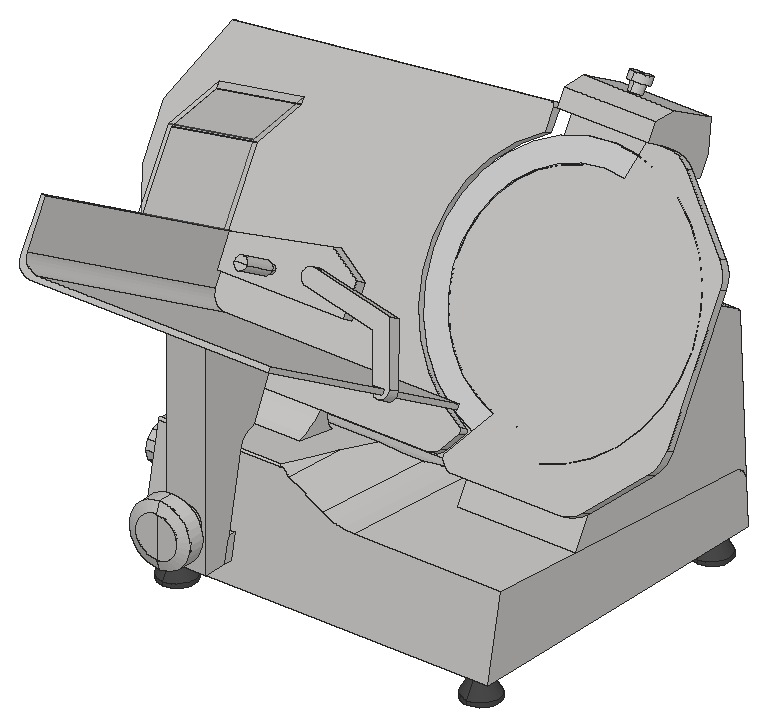
Revit family "QF_ELECTROLUXPROFESSIONAL_601132_MSG35B", category Attrezzature speciali, Revit 2020
Family settings
  Quota connettore circolare = Usa diametro
  Tipo di parte = Normale
  Basato su piano di lavoro = No
  Sempre verticale = Sì
  Taglio con vuoti quando caricato = No
  Condiviso = No
  Punto di calcolo locali = No
Parameters (values of type "Standard")
  Weight = 38.00 kg
  Watts = 380 W
  Volts = 400 V
  URL Manufacturer = "https://www.electroluxprofessional.com/"
  URL = "https://www.electroluxprofessional.com/"
  Steam Supply Size = 0 mm
  Steam Supply Minimum Pressure = 0.0 Pa
  Steam Supply Maximum Pressure = 0.0 Pa
  Steam Consumption per Hour = 0
  Refrigeration Suction Line Size = 0 mm
  Refrigeration Liquid Line Size = 0 mm
  Refrigerant Compressor Remote = yes
  Prospetto di default = 0 mm
  Produttore = "Electrolux Professional"
  Phase = 3
  Modello = "MSG35B"
  Length Actual = 695 mm  # constant formula
  Item Number = "601132"
  Hot Water Size = 0 mm
  Height Actual = 520 mm  # constant formula
  HP = "0.5 HP"
  Gas Size = 0 mm
  Gas KW = 0
  Gas Input Pressure = 0 W
  Direct Waste Size = 0 mm
  Descrizione = "GRAVITY SLICER 350 MM BELT TRANSMISSION"
  Depth Actual = 560 mm  # constant formula
  Cycle = 50 Hz
  Condensate Return Size = 0 mm
  Compressed Air Volume = 0.0 L/s
  Compressed Air Size = 0 mm
  Compressed Air Pressure = 0.0 Pa
  Cold Water Size = 0 mm
  Accessory = yes
Reference planes
  plane 1 "Back": y = 0
  plane 2: z = 0
  plane 3 "Left": x = 0
  plane 4: through (0, -62.476, 411.876) normal (0, -0.866, 0.5)
  plane 5: x = 120
  plane 6: x = 215
  plane 7: y = -170
  plane 8: y = -340
  plane 9: x = 477.05
  plane 10: x = -32.95
  plane 11: z = 520
Forms (mm)
  Extrusion 1, solid, material "QF_Finishes_Stainless Steel"
    sketch origin (0, -2.5, 31.651) x (0, 1, 0) y (0, 0, 1)
      loop
        line (-0.369, 54.773) -> (2.502, 0) -> (-408.75, 0) -> (-379.964, 135.425)
        arc (-379.964, 135.425) -> (-378.947, 136.933) -> (-377.168, 137.311) r 2.428
        line (-377.168, 137.311) -> (-251.755, 115.198)
        arc (-251.755, 115.198) -> (-225.646, 95.07) -> (-194.53, 84.181) r 103.428
        line (-194.53, 84.181) -> (-16.605, 71.739)
        arc (-16.605, 71.739) -> (-5.169, 66.467) -> (-0.502, 54.77) r 16.993
    from -5 to 435
  Extrusion 2, solid, material "QF_Finishes_Stainless Steel"
    sketch origin (55, -67.264, 50.401) x (0, 1, 0) y (0, 0, 1)
      loop
        line (-347.59, 5.346) -> (-324.693, 123.141)
        arc (-324.693, 123.141) -> (-316.617, 137.346) -> (-301.594, 143.768) r 25.59
        line (-301.594, 143.768) -> (-267.784, 216.273) -> (-377.59, 279.669) -> (-377.59, 5.346) -> (-347.59, 5.346)
    from 0 to 50
  Extrusion 3, solid, material "QF_Finishes_Stainless Steel"
    sketch origin (410, -5.714, 43.645) x (0, 1, 0) y (0, 0, 1)
      loop
        line (-130.759, 311.842) -> (-266.104, 77.416) -> (-14.034, 59.79)
        arc (-14.034, 59.79) -> (-2.202, 55.185) -> (3.135, 43.665) r 16.993
        line (3.135, 43.665) -> (-6.751, 237.16)
        arc (-6.751, 237.16) -> (-7.604, 239.917) -> (-9.67, 241.931) r 5.854
        line (-9.67, 241.931) -> (-130.759, 311.842)
    from -125 to 25
  Extrusion 4, solid, material "QF_Finishes_Stainless Steel"
    sketch origin (327.292, 6.989, 139.511) x (0, 1, 0) y (0, 0, 1)
      loop
        line (-22.353, 351.363) -> (-78.648, 383.865) -> (-108.648, 383.865) -> (-119.762, 364.616) -> (-97.262, 351.626) -> (-116.148, 318.913) -> (-64.187, 288.913)
        arc (-64.187, 288.913) -> (-52.101, 292.661) -> (-39.728, 290.011) r 25
        line (-39.728, 290.011) -> (-27.228, 311.661) -> (-22.353, 351.363)
    from -42.292 to 72.708
  Extrusion 5, void
    sketch origin (5, -46.787, 20.549) x (1, 0, 0) y (0, 0.069756, 0.997564)
      loop
        line (115, 188.478) -> (115, 130.207)
        arc (115, 130.207) -> (136.492, 127.325) -> (155.359, 116.637) r 57.092
        line (155.359, 116.637) -> (202.989, 94.519)
        arc (202.989, 94.519) -> (222.331, 87.094) -> (242.894, 84.569) r 85
        line (242.894, 84.569) -> (430, 84.569) -> (430, 188.478) -> (115, 188.478)
    from 147.863 to 407.59
  Extrusion 6, solid, material "QF_Finishes_Stainless Steel"
    sketch origin (-842.5, -274.998, 232.003) x (1, 0, 0) y (0, 0.5, 0.866025)
      loop
        line (817.208, 0) -> (1120.225, 0) -> (1120.225, 6.153) -> (823.361, 6.153)
        arc (823.361, 6.153) -> (810.309, 11.559) -> (804.903, 24.611) r 18.458
        line (804.903, 24.611) -> (804.903, 83.084) -> (798.75, 83.084) -> (798.75, 18.458)
        arc (798.75, 18.458) -> (804.156, 5.406) -> (817.208, 0) r 18.458
    from -11.818 to 330.887
  Extrusion 7, solid, material "QF_Finishes_Stainless Steel"
    sketch origin (-910, -277.886, 166.181) x (1, 0, 0) y (0, 0.5, 0.866025)
      loop
        line (739.55, 238.591) -> (739.55, 170.497) -> (776.813, 68.117) -> (900.701, 7.693) -> (1163.574, 7.693)
        arc (1163.574, 7.693) -> (1172.848, 9.919) -> (1180.1, 16.114) r 20.428
        line (1180.1, 16.114) -> (1194.678, 36.177)
        arc (1194.678, 36.177) -> (1195.317, 39.641) -> (1193.024, 42.316) r 4.086
        arc (1193.024, 42.316) -> (1091.792, 190.39) -> (1179.369, 346.929) r 170.235
        line (1179.369, 346.929) -> (1179.369, 373.184)
        arc (1179.369, 373.184) -> (1178.017, 376.22) -> (1174.856, 377.247) r 4.086
        line (1174.856, 377.247) -> (787.311, 336.515) -> (739.55, 238.591)
      loop
        line (1201.597, -3.658) -> (1334.681, -3.658)
        arc (1334.681, -3.658) -> (1350.317, -0.548) -> (1363.571, 8.309) r 40.856
        line (1363.571, 8.309) -> (1422.141, 66.879)
        arc (1422.141, 66.879) -> (1430.998, 80.134) -> (1434.108, 95.769) r 40.856
        line (1434.108, 95.769) -> (1434.108, 263.757)
        arc (1434.108, 263.757) -> (1430.998, 279.392) -> (1422.141, 292.647) r 40.856
        line (1422.141, 292.647) -> (1351.073, 363.715)
        arc (1351.073, 363.715) -> (1337.819, 372.571) -> (1322.184, 375.681) r 40.856
        line (1322.184, 375.681) -> (1297.285, 375.681) -> (1285.559, 332.123)
        arc (1285.559, 332.123) -> (1129.045, 228.153) -> (1225.35, 66.81) r 136.188
        line (1225.35, 66.81) -> (1184.672, 10.82)
        arc (1184.672, 10.82) -> (1190.46, 0.456) -> (1201.597, -3.658) r 17.132
    from 0 to 10
  Extrusion 8, solid, material "QF_Finishes_Handrails and Railings"
    sketch origin (-910, -275.729, 168.492) x (1, 0, 0) y (0, 0.5, 0.866025)
      loop
        circle (1260.569, 194.749) r 134.704
      loop
        circle (1260.569, 194.749) r 164.045
    from 8.048 to 10.048
  Extrusion 9, solid, material "QF_Finishes_Stainless Steel"
    sketch origin (432, 82.133, 440.055) x (0, 0, 1) y (0, 1, 0)
      loop
        line (-392.404, -132.714) -> (-392.404, -152.714) -> (-372.404, -152.714) -> (-372.404, -132.714) -> (-392.404, -132.714)
    from 0 to 2
  Revolve 10, solid, material "QF_Finishes_Black"
    sketch origin (22.5, -2.5, 31.651) x (0, 1, 0) y (0, 0, 1)
      loop
        line (-20, 0) -> (-20, -31.651) -> (2.5, -31.651) -> (2.5, -26.651) -> (-10, -5) -> (-10, 0) -> (-20, 0)
      axis (-20, -31.651) -> (-20, 0)
    angle from 0 to 360
  Extrusion 11, solid, material "QF_Finishes_Stainless Steel"
    sketch origin (-43.75, -44.164, 50.76) x (0, 1, 0) y (0, 0, 1)
      loop
        arc (-221.913, 98.173) -> (-228.346, 109.311) -> (-229.876, 122.083) r 32.011
        line (-229.876, 122.083) -> (-238.536, 127.083)
        arc (-238.536, 127.083) -> (-253.956, 114.343) -> (-272.605, 107.111) r 62.673
        line (-272.605, 107.111) -> (-221.913, 98.173)
    from 85.773 to 164.217
  Revolve 12, solid, material "QF_Finishes_Handrails and Railings"
    sketch origin (353.75, -22.378, 89.315) x (0, 1, 0) y (0, 0, 1)
      loop
        line (-103.134, 341.456) -> (-163.134, 237.533) -> (-138.755, 223.458) -> (-118.755, 258.099) -> (-103.134, 341.456)
      axis (-138.755, 223.458) -> (-163.134, 237.533)
    angle from 0 to 360
  Revolve 13, solid, material "QF_Finishes_Black"
    sketch origin (407.5, -2.5, 31.651) x (0, 1, 0) y (0, 0, -1)
      loop
        line (-20, 0) -> (-10, 0) -> (-10, 5) -> (2.5, 26.651) -> (2.5, 31.651) -> (-20, 31.651) -> (-20, 0)
      axis (-20, 31.651) -> (-20, 0)
    angle from 0 to 360
  Revolve 14, solid, material "QF_Finishes_Black"
    sketch origin (22.5, -407.5, 31.651) x (0, -1, 0) y (0, 0, -1)
      loop
        line (-20, 0) -> (-10, 0) -> (-10, 5) -> (2.5, 26.651) -> (2.5, 31.651) -> (-20, 31.651) -> (-20, 0)
      axis (-20, 31.651) -> (-20, 0)
    angle from 0 to 360
  Revolve 15, solid, material "QF_Finishes_Black"
    sketch origin (407.5, -407.5, 31.651) x (0, -1, 0) y (0, 0, 1)
      loop
        line (-20, 0) -> (-20, -31.651) -> (2.5, -31.651) -> (2.5, -26.651) -> (-10, -5) -> (-10, 0) -> (-20, 0)
      axis (-20, -31.651) -> (-20, 0)
    angle from 0 to 360
  Extrusion 16, solid, material "QF_Finishes_Stainless Steel"
    sketch origin (-90, -67.264, 50.401) x (0, 1, 0) y (0, 0, 1)
      loop
        line (-347.59, 5.346) -> (-338.864, 5.346) -> (-332.487, 35.346) -> (-341.758, 35.346) -> (-347.59, 5.346)
    from 145 to 195
  Revolve 17, solid, material "QF_Finishes_Stainless Steel"
    sketch origin (-1014.056, -338.017, -22.167) x (1, 0, 0) y (0, 0, 1)
      loop
        line (1014.056, 171) -> (1011.556, 171) -> (1002.782, 157.226) -> (1002.782, 155.22) -> (999.669, 150.775) -> (999.669, 149.212) -> (995.281, 149.212) -> (995.281, 133) -> (1014.056, 133) -> (1014.056, 171)
      axis (995.281, 133) -> (1014.056, 133)
    angle from 0 to 360
  Extrusion 18, solid, material "QF_Finishes_Stainless Steel"
    sketch origin (-1014.056, -60.45, 46.819) x (0, 1, 0) y (0, 0, 1)
      loop
        line (-288.697, 82.907) -> (-296.745, 74.859) -> (-299.691, 63.865) -> (-296.745, 52.871) -> (-288.697, 44.823) -> (-277.704, 41.877) -> (-266.71, 44.823) -> (-258.662, 52.871) -> (-255.716, 63.865) -> (-258.662, 74.859) -> (-266.71, 82.907) -> (-277.704, 85.852) -> (-288.697, 82.907)
    from 975.281 to 995.281
  Revolve 19, solid, material "QF_Finishes_Stainless Steel"
    sketch origin (335, 6.989, 139.511) x (0, 1, 0) y (0, 0, 1)
      loop
        line (-60.28, 373.26) -> (-53.482, 369.335) -> (-47.768, 379.231) -> (-43.438, 376.731) -> (-38.886, 384.616) -> (-50.014, 391.041) -> (-60.28, 373.26)
      axis (-60.28, 373.26) -> (-50.014, 391.041)
    angle from 0 to 360
  Extrusion 20, solid, material "Vetro Trasparente"
    sketch origin (-1008.675, -154.625, 175.78) x (1, 0, 0) y (0, 0.5, 0.866025)
      loop
        line (959.925, 7.799) -> (964.925, 7.799) -> (964.925, 162.745) -> (1000.743, 213.899) -> (1000.743, 222.616) -> (959.925, 164.322) -> (959.925, 7.799)
    from 120.54 to 276.698
  Revolve 21, solid, material "QF_Finishes_Stainless Steel"
    sketch origin (80, -67.264, 50.401) x (0, 1, 0) y (0, 0, 1)
      loop
        line (-377.59, 60.846) -> (-377.59, 78.816) -> (-395.099, 78.816) -> (-400.656, 99.554) -> (-419.582, 99.554) -> (-424.967, 86.868) -> (-424.967, 60.846) -> (-377.59, 60.846)
      axis (-377.59, 60.846) -> (-424.967, 60.846)
    angle from 0 to 360
  Extrusion 22, solid, material "QF_Finishes_Stainless Steel"
    sketch origin (-1120.747, -453.155, 112.106) x (1, 0, 0) y (0, 0.5, 0.866025)
      loop
        line (1157.755, 287.815) -> (1157.755, 247.815) -> (1317.755, 247.815) -> (1317.755, 287.815) -> (1278.255, 310.62) -> (1157.755, 287.815)
    from 0 to 15
  Extrusion 23, solid, material "QF_Finishes_Stainless Steel"
    sketch origin (-1123.247, -466.146, 119.606) x (1, 0, 0) y (0, 0.5, 0.866025)
      loop
        arc (1278.158, 286.028) -> (1266.573, 277.917) -> (1274.685, 266.332) r 10
        line (1274.685, 266.332) -> (1366.873, 250.077) -> (1389.061, 193.545)
        arc (1389.061, 193.545) -> (1402.023, 187.89) -> (1407.678, 200.852) r 10
        line (1407.678, 200.852) -> (1381.393, 267.825) -> (1278.158, 286.028)
    from 0 to 15
  Revolve 24, solid, material "QF_Finishes_Stainless Steel"
    sketch origin (-1120.747, -319.248, 344.04) x (1, 0, 0) y (0, 0.866025, -0.5)
      loop
        line (1217.755, -15) -> (1217.755, -70) -> (1225.755, -70) -> (1225.755, -25) -> (1222.755, -25) -> (1222.755, -15) -> (1217.755, -15)
      axis (1217.755, -15) -> (1217.755, -70)
    angle from 0 to 360
Cuts and joins
  Extrusion 5 cuts Extrusion 1
  joined: Extrusion 7, Extrusion 11
Dimensions and locks
  locked: Extrusion 3 to Extrusion 3 at 150
  locked: plane 5 to plane 3 "Left" at 120
  equal spacing: cut or joined group of Extrusion 1, Extrusion 5, plane 6, cut or joined group of Extrusion 1, Extrusion 5
  equal spacing: plane 1 "Back", plane 7, plane 8
  locked: Extrusion 2 to Revolve 21 at 7.03
  plane 10 to plane 9 = 510 mm
  plane 3 "Left" to cut or joined group of Extrusion 1, Extrusion 5 = 435 mm
  plane 1 "Back" to Extrusion 6 = 558.478 mm
  Extrusion 6 to level = 469.4 mm
  Extrusion 4 to level = 523.376 mm
  cut or joined group of Extrusion 7, Extrusion 11 to cut or joined group of Extrusion 7, Extrusion 11 = 694.558 mm
  Extrusion 11 sketch curve to Extrusion 11 sketch curve = 10 mm
  aligned and locked: level to plane 2
  aligned and locked: cut or joined group of Extrusion 1, Extrusion 5 to Extrusion 3
  aligned and locked: Extrusion 1 to Extrusion 5
  aligned and locked: Extrusion 5 to plane 5
  aligned and locked: Extrusion 4 to Extrusion 3
  aligned and locked: Extrusion 16 to Extrusion 2
  aligned and locked: Extrusion 2 to Extrusion 16
  aligned and locked: Extrusion 18 to Revolve 17
  aligned and locked: Extrusion 11 sketch curve to cut or joined group of Extrusion 7, Extrusion 11
Automatic sketch dimensions
  plane 4 to Extrusion 4 sketch curve = 63.703 mm  (x3)
  plane 7 to Extrusion 4 sketch curve = 57.227 mm
  Extrusion 4 sketch curve to Extrusion 4 sketch curve = 3.613 mm
  Extrusion 4 sketch curve to Extrusion 4 sketch curve = 11.113 mm
  Extrusion 4 sketch curve to Extrusion 4 sketch curve = 22.5 mm
  Extrusion 4 sketch curve to Extrusion 4 sketch curve = 51.962 mm
  Extrusion 4 sketch curve to Extrusion 4 sketch curve = 13.206 mm
  Extrusion 4 sketch curve to Extrusion 4 sketch curve = 24.459 mm
  Extrusion 4 sketch curve to Extrusion 4 sketch curve = 12.5 mm
  plane 1 "Back" to Extrusion 4 sketch curve = 15.364 mm
  Extrusion 4 sketch curve to Extrusion 4 sketch curve = 21.227 mm
  Extrusion 4 sketch curve to Extrusion 4 sketch curve = 21.651 mm
  Extrusion 4 sketch curve to Extrusion 4 sketch curve = 39.702 mm
  level to Revolve 10 sketch curve = 31.651 mm
  plane 1 "Back" to Revolve 10 sketch curve = 22.5 mm
  Revolve 10 sketch curve to Revolve 10 sketch curve = 10 mm  (x2)
  Revolve 10 sketch curve to plane 1 "Back" = 0 mm
  Revolve 10 sketch curve to Revolve 10 sketch curve = 5 mm  (x2)
  Revolve 10 sketch curve to Revolve 10 sketch curve = 21.651 mm
  Revolve 10 sketch curve to Revolve 10 sketch curve = 10.825 mm
  level to Revolve 10 sketch curve = 45.018 mm
  level to Revolve 13 sketch curve = 31.651 mm
  plane 1 "Back" to Revolve 13 sketch curve = 22.5 mm
  Revolve 13 sketch curve to Revolve 13 sketch curve = 10 mm  (x2)
  Revolve 13 sketch curve to plane 1 "Back" = 0 mm
  Revolve 13 sketch curve to Revolve 13 sketch curve = 5 mm  (x2)
  Revolve 13 sketch curve to Revolve 13 sketch curve = 21.651 mm
  level to Revolve 13 sketch curve = 45.018 mm
  Revolve 13 sketch curve to Revolve 13 sketch curve = 10.825 mm
  level to Revolve 14 sketch curve = 31.651 mm
  plane 8 to Revolve 14 sketch curve = 47.5 mm
  Revolve 14 sketch curve to Revolve 14 sketch curve = 10 mm  (x2)
  plane 8 to Revolve 14 sketch curve = 70 mm
  Revolve 14 sketch curve to Revolve 14 sketch curve = 5 mm  (x2)
  Revolve 14 sketch curve to Revolve 14 sketch curve = 21.651 mm
  level to Revolve 14 sketch curve = 45.018 mm
  Revolve 14 sketch curve to Revolve 14 sketch curve = 10.825 mm
  level to Revolve 15 sketch curve = 31.651 mm
  plane 8 to Revolve 15 sketch curve = 47.5 mm
  Revolve 15 sketch curve to Revolve 15 sketch curve = 10 mm  (x2)
  plane 8 to Revolve 15 sketch curve = 70 mm
  Revolve 15 sketch curve to Revolve 15 sketch curve = 5 mm  (x2)
  Revolve 15 sketch curve to Revolve 15 sketch curve = 21.651 mm
  Revolve 15 sketch curve to Revolve 15 sketch curve = 10.825 mm
  level to Revolve 15 sketch curve = 45.018 mm
  plane 8 to Extrusion 16 sketch curve = 66.128 mm
  plane 8 to Extrusion 16 sketch curve = 59.751 mm
  level to Extrusion 16 sketch curve = 55.747 mm
  Extrusion 16 sketch curve to Extrusion 16 sketch curve = 30 mm
  plane 8 to Extrusion 16 sketch curve = 69.022 mm
  plane 8 to Extrusion 16 sketch curve = 74.854 mm
  level to Extrusion 9 sketch curve = 47.651 mm
  level to Extrusion 9 sketch curve = 67.651 mm
  Extrusion 9 sketch curve to plane 8 = 269.42 mm
  Extrusion 9 sketch curve to Extrusion 9 sketch curve = 20 mm
  plane 1 "Back" to Revolve 19 sketch curve = 53.291 mm
  Revolve 19 sketch curve to Revolve 19 sketch curve = 6.798 mm
  Revolve 19 sketch curve to Revolve 19 sketch curve = 10.266 mm
  Revolve 19 sketch curve to Revolve 19 sketch curve = 5.714 mm
  Revolve 19 sketch curve to Revolve 19 sketch curve = 4.33 mm  (x2)
  level to Revolve 19 sketch curve = 508.846 mm
  Revolve 19 sketch curve to Revolve 19 sketch curve = 3.925 mm
  Revolve 19 sketch curve to Revolve 19 sketch curve = 2.5 mm
  Revolve 19 sketch curve to Revolve 19 sketch curve = 4.081 mm
  Revolve 19 sketch curve to Revolve 19 sketch curve = 7.069 mm
  plane 8 to Revolve 21 sketch curve = 152.231 mm
  Revolve 21 sketch curve to Revolve 21 sketch curve = 5.385 mm
  Revolve 21 sketch curve to Revolve 21 sketch curve = 18.926 mm
  Revolve 21 sketch curve to Revolve 21 sketch curve = 5.557 mm
  Revolve 21 sketch curve to Revolve 21 sketch curve = 17.51 mm
  Revolve 21 sketch curve to Revolve 21 sketch curve = 24.915 mm
  Revolve 21 sketch curve to Revolve 21 sketch curve = 8.03 mm
  level to Revolve 21 sketch curve = 111.247 mm
  Revolve 21 sketch curve to Revolve 21 sketch curve = 17.97 mm  (x2)
  Revolve 21 sketch curve to Revolve 21 sketch curve = 26.022 mm
  Revolve 21 sketch curve to Revolve 21 sketch curve = 12.686 mm
  level to Extrusion 1 sketch curve = 31.651 mm
  plane 8 to Extrusion 1 sketch curve = 71.25 mm
  plane 8 to Extrusion 1 sketch curve = 42.464 mm
  Extrusion 1 sketch curve to Extrusion 1 sketch curve = 2.374 mm
  Extrusion 1 sketch curve to Extrusion 1 sketch curve = 0.422 mm
  Extrusion 1 sketch curve to plane 7 = 84.255 mm
  Extrusion 1 sketch curve to plane 7 = 27.03 mm
  Extrusion 1 sketch curve to plane 7 = 8.86 mm
  plane 1 "Back" to Extrusion 1 sketch curve = 19.995 mm
  Extrusion 1 sketch curve to Extrusion 1 sketch curve = 0.889 mm
  Extrusion 1 sketch curve to plane 1 "Back" = 0.002 mm
  Extrusion 1 sketch curve to Extrusion 1 sketch curve = 54.77 mm
  Extrusion 1 sketch curve to Extrusion 1 sketch curve = 16.969 mm
  level to Extrusion 1 sketch curve = 115.831 mm
  Extrusion 1 sketch curve to Extrusion 1 sketch curve = 31.017 mm
  Extrusion 1 sketch curve to Extrusion 1 sketch curve = 19.723 mm
  Extrusion 1 sketch curve to Extrusion 1 sketch curve = 0.505 mm
  Extrusion 1 sketch curve to Extrusion 1 sketch curve = 0.133 mm
  Extrusion 1 sketch curve to Extrusion 1 sketch curve = 0.003 mm
  Extrusion 3 sketch curve to plane 8 = 68.182 mm
  plane 7 to Extrusion 3 sketch curve = 33.528 mm
  plane 1 "Back" to Extrusion 3 sketch curve = 19.549 mm
  Extrusion 3 sketch curve to Extrusion 3 sketch curve = 0.199 mm
  plane 1 "Back" to Extrusion 3 sketch curve = 18.311 mm
  Extrusion 3 sketch curve to Extrusion 3 sketch curve = 2.927 mm
  Extrusion 3 sketch curve to Extrusion 3 sketch curve = 2.919 mm
  plane 1 "Back" to Extrusion 3 sketch curve = 2.578 mm
  level to Extrusion 3 sketch curve = 86.443 mm
  Extrusion 3 sketch curve to Extrusion 3 sketch curve = 0.867 mm
  level to Extrusion 3 sketch curve = 121.061 mm
  Extrusion 3 sketch curve to Extrusion 3 sketch curve = 177.072 mm
  Extrusion 3 sketch curve to Extrusion 3 sketch curve = 0.299 mm
  Extrusion 5 sketch curve to plane 5 = 0 mm
  plane 5 to Extrusion 5 sketch curve = 3.296 mm
  plane 5 to Extrusion 5 sketch curve = 40.359 mm
  plane 6 to Extrusion 5 sketch curve = 7.011 mm
  Extrusion 5 sketch curve to plane 6 = 32.894 mm
  Extrusion 5 sketch curve to plane 9 = 42.05 mm
  Extrusion 5 sketch curve to Extrusion 5 sketch curve = 11.36 mm
  Extrusion 5 sketch curve to Extrusion 5 sketch curve = 9.949 mm
  Extrusion 5 sketch curve to Extrusion 5 sketch curve = 43.427 mm
  Extrusion 5 sketch curve to Extrusion 5 sketch curve = 58.271 mm
  Extrusion 7 sketch curve to Extrusion 7 sketch curve = 0 mm  (x2)
  plane 10 to Extrusion 7 sketch curve = 137.5 mm
  Extrusion 7 sketch curve to plane 3 "Left" = 133.187 mm
  Extrusion 7 sketch curve to plane 3 "Left" = 122.689 mm
  Extrusion 7 sketch curve to plane 5 = 129.299 mm
  Extrusion 7 sketch curve to plane 9 = 223.476 mm
  Extrusion 7 sketch curve to plane 9 = 212.194 mm
  Extrusion 7 sketch curve to Extrusion 7 sketch curve = 0.427 mm
  Extrusion 7 sketch curve to Extrusion 7 sketch curve = 4.086 mm
  Extrusion 7 sketch curve to Extrusion 7 sketch curve = 16.527 mm
  Extrusion 7 sketch curve to Extrusion 7 sketch curve = 4.571 mm
  Extrusion 7 sketch curve to Extrusion 7 sketch curve = 11.272 mm
  Extrusion 7 sketch curve to Extrusion 7 sketch curve = 3.305 mm
  Extrusion 7 sketch curve to Extrusion 7 sketch curve = 16.925 mm
  Extrusion 7 sketch curve to plane 9 = 161.699 mm
  Extrusion 7 sketch curve to plane 9 = 125.193 mm
  Extrusion 7 sketch curve to plane 9 = 101.491 mm
  Extrusion 7 sketch curve to Extrusion 7 sketch curve = 11.726 mm
  Extrusion 7 sketch curve to Extrusion 7 sketch curve = 24.898 mm
  Extrusion 7 sketch curve to plane 9 = 52.368 mm
  Extrusion 7 sketch curve to Extrusion 7 sketch curve = 28.89 mm  (x5)
  Extrusion 7 sketch curve to Extrusion 7 sketch curve = 58.57 mm  (x2)
  Extrusion 7 sketch curve to Extrusion 7 sketch curve = 71.068 mm
  Extrusion 7 sketch curve to Extrusion 7 sketch curve = 11.967 mm  (x2)
  Extrusion 7 sketch curve to Extrusion 7 sketch curve = 11.35 mm
  Extrusion 7 sketch curve to Extrusion 7 sketch curve = 3.128 mm
  Extrusion 7 sketch curve to Extrusion 7 sketch curve = 5.293 mm
  Extrusion 7 sketch curve to Extrusion 7 sketch curve = 22.703 mm
  Extrusion 7 sketch curve to Extrusion 7 sketch curve = 2.401 mm
  Extrusion 7 sketch curve to Extrusion 7 sketch curve = 30.633 mm
  Extrusion 7 sketch curve to Extrusion 7 sketch curve = 60.424 mm
  Extrusion 7 sketch curve to Extrusion 7 sketch curve = 102.38 mm
  Extrusion 7 sketch curve to Extrusion 7 sketch curve = 131.204 mm
  Extrusion 7 sketch curve to Extrusion 7 sketch curve = 68.094 mm
  Extrusion 7 sketch curve to Extrusion 7 sketch curve = 68.366 mm
  Extrusion 7 sketch curve to Extrusion 7 sketch curve = 2.701 mm
  Extrusion 7 sketch curve to Extrusion 7 sketch curve = 97.924 mm
  Extrusion 7 sketch curve to Extrusion 7 sketch curve = 14.806 mm
  Extrusion 7 sketch curve to Extrusion 7 sketch curve = 26.255 mm
  Revolve 17 sketch curve to plane 3 "Left" = 0 mm
  Revolve 17 sketch curve to plane 3 "Left" = 2.5 mm
  Revolve 17 sketch curve to plane 3 "Left" = 11.274 mm
  Revolve 17 sketch curve to Revolve 17 sketch curve = 3.113 mm
  Revolve 17 sketch curve to plane 10 = 14.176 mm
  level to Revolve 17 sketch curve = 110.833 mm
  Revolve 17 sketch curve to Revolve 17 sketch curve = 16.212 mm
  Revolve 17 sketch curve to Revolve 17 sketch curve = 1.562 mm
  Revolve 17 sketch curve to Revolve 17 sketch curve = 4.446 mm
  Revolve 17 sketch curve to Revolve 17 sketch curve = 2.006 mm
  Revolve 17 sketch curve to Revolve 17 sketch curve = 13.774 mm
  Revolve 17 sketch curve to plane 3 "Left" = 9.387 mm
  plane 3 "Left" to Revolve 17 sketch curve = 48.874 mm
  Revolve 17 sketch curve to Revolve 17 sketch curve = 0 mm
  Extrusion 20 sketch curve to plane 3 "Left" = 48.75 mm
  Extrusion 20 sketch curve to Extrusion 20 sketch curve = 5 mm
  Extrusion 20 sketch curve to plane 5 = 127.932 mm
  Extrusion 20 sketch curve to Extrusion 20 sketch curve = 154.946 mm
  Extrusion 20 sketch curve to Extrusion 20 sketch curve = 1.576 mm
  Extrusion 20 sketch curve to Extrusion 20 sketch curve = 51.153 mm
  Extrusion 20 sketch curve to Extrusion 20 sketch curve = 8.717 mm
  Extrusion 22 sketch curve to plane 5 = 82.992 mm
  plane 6 to Extrusion 22 sketch curve = 57.492 mm
  plane 6 to Extrusion 22 sketch curve = 17.992 mm
  Extrusion 22 sketch curve to Extrusion 22 sketch curve = 40 mm  (x2)
  Extrusion 22 sketch curve to Extrusion 22 sketch curve = 22.805 mm
  plane 6 to Extrusion 23 sketch curve = 63.562 mm
  Extrusion 23 sketch curve to Extrusion 23 sketch curve = 1.736 mm  (x2)
  Extrusion 23 sketch curve to plane 6 = 28.626 mm
  Extrusion 23 sketch curve to Extrusion 23 sketch curve = 14.519 mm
  Extrusion 23 sketch curve to Extrusion 23 sketch curve = 22.187 mm
  Extrusion 23 sketch curve to Extrusion 23 sketch curve = 9.309 mm  (x2)
  Extrusion 23 sketch curve to Extrusion 23 sketch curve = 3.653 mm
  Extrusion 23 sketch curve to Extrusion 23 sketch curve = 56.531 mm
  Extrusion 23 sketch curve to Extrusion 23 sketch curve = 16.255 mm
  Extrusion 23 sketch curve to Extrusion 23 sketch curve = 17.748 mm
  Extrusion 23 sketch curve to Extrusion 23 sketch curve = 9.848 mm
  Revolve 24 sketch curve to plane 5 = 22.992 mm  (x2)
  Revolve 24 sketch curve to Revolve 24 sketch curve = 5 mm
  Revolve 24 sketch curve to Revolve 24 sketch curve = 8 mm
  plane 4 to Revolve 24 sketch curve = 258.453 mm
  Revolve 24 sketch curve to Revolve 24 sketch curve = 45 mm
  Revolve 24 sketch curve to Revolve 24 sketch curve = 10 mm
  Revolve 24 sketch curve to Revolve 24 sketch curve = 15 mm  (x2)
  Extrusion 11 sketch curve to plane 8 = 10.184 mm
  Extrusion 11 sketch curve to plane 8 = 23.231 mm
  Extrusion 11 sketch curve to Extrusion 11 sketch curve = 42.729 mm
  Extrusion 11 sketch curve to Extrusion 11 sketch curve = 7.963 mm
  Extrusion 11 sketch curve to Extrusion 11 sketch curve = 31.9 mm
  Extrusion 11 sketch curve to Extrusion 11 sketch curve = 2.657 mm
  Extrusion 11 sketch curve to Extrusion 11 sketch curve = 19.972 mm
  Revolve 12 sketch curve to plane 7 = 15.512 mm
  plane 7 to Revolve 12 sketch curve = 8.867 mm
  plane 7 to Revolve 12 sketch curve = 28.867 mm
  plane 11 to Revolve 12 sketch curve = 207.227 mm
  Revolve 12 sketch curve to Revolve 12 sketch curve = 14.075 mm
  plane 7 to Revolve 12 sketch curve = 4.427 mm
  Revolve 12 sketch curve to Revolve 12 sketch curve = 0 mm  (x2)
  plane 7 to Revolve 12 sketch curve = 44.488 mm
  Revolve 12 sketch curve to Revolve 12 sketch curve = 2.564 mm
  Extrusion 8 sketch curve to Extrusion 8 sketch curve = 0 mm  (x2)
  Extrusion 8 sketch curve to plane 9 = 126.481 mm
  plane 10 to Extrusion 6 sketch curve = 10.8 mm
  plane 10 to Extrusion 6 sketch curve = 4.647 mm
  Extrusion 6 sketch curve to plane 10 = 7.658 mm
  Extrusion 6 sketch curve to Extrusion 6 sketch curve = 6.153 mm  (x2)
  Extrusion 6 sketch curve to plane 6 = 62.725 mm
  Extrusion 6 sketch curve to Extrusion 6 sketch curve = 58.473 mm
  plane 8 to Extrusion 2 sketch curve = 104.854 mm
  Extrusion 2 sketch curve to Extrusion 2 sketch curve = 30 mm
  plane 8 to Extrusion 2 sketch curve = 26.837 mm
  Extrusion 2 sketch curve to plane 8 = 4.952 mm
  level to Extrusion 2 sketch curve = 55.747 mm
  Extrusion 2 sketch curve to Extrusion 2 sketch curve = 112.913 mm
  Extrusion 2 sketch curve to Extrusion 2 sketch curve = 98.014 mm
  Extrusion 2 sketch curve to Extrusion 2 sketch curve = 63.396 mm
  Extrusion 2 sketch curve to Extrusion 2 sketch curve = 25.119 mm
  Extrusion 2 sketch curve to Extrusion 2 sketch curve = 2.02 mm
  Extrusion 2 sketch curve to Extrusion 2 sketch curve = 4.883 mm
  radius of Extrusion 8 sketch curve = 134.704 mm
  radius of Extrusion 8 sketch curve = 164.045 mm
Nested families
  nested 1: "BOTTONI_AFFETTATRICE" at (-5, -62.14, 69.752) x (0, -1, 0) z (-1, 0, 0), type "BOTTONI_AFFETTATRICE"
Connectors
  electrical at (432, -60.58, 57.651)
    settings: on Extrusion 9, index 6, voltage 230 V, apparent load 0 VA, apparent load phase1 0 VA, apparent load phase2 0 VA, apparent load phase3 0 VA, power factor 1, load classification "Altro", number of poles 1, system type 30, power factor state 1, is connector primary yes, connector utility no, sub classification motor no, connector description "EI"
Definition of nested family "BOTTONI_AFFETTATRICE"
  Parameters
    Default Elevation = 1219.2 mm
  Reference planes
    plane 1 "Centro (Fronte/Retro)": y = 0
    plane 2: z = 0
    plane 3 "Centro (Sinistra/Destra)": x = 0
  Forms (mm)
    Extrusion 1, solid
      sketch origin (0, 0, 0) x (1, 0, 0) y (0, 1, 0)
        loop
          line (-1219.2, 1219.2) -> (-1219.2, -1219.2) -> (1219.2, -1219.2) -> (1219.2, 1219.2) -> (-1219.2, 1219.2)
      from 0 to -304.8
    Extrusion 2, solid
      sketch origin (-44.465, -72.307, 0.362) x (1, 0, 0) y (0, 1, 0)
        loop
          line (21.965, 84.807) -> (21.965, 59.807) -> (66.965, 59.807) -> (66.965, 84.807) -> (21.965, 84.807)
      from -0.362 to 1.638
    Extrusion 3, solid
      sketch origin (-44.465, -72.307, -2.905) x (1, 0, 0) y (0, 1, 0)
        loop
          line (21.965, 84.807) -> (21.965, 59.807) -> (38.371, 59.807) -> (38.371, 84.807) -> (21.965, 84.807)
        loop
          line (50.518, 84.807) -> (50.518, 59.807) -> (66.965, 59.807) -> (66.965, 84.807) -> (50.518, 84.807)
      from 4.905 to 17.905
    Extrusion 4, solid
      sketch origin (-44.465, -72.307, -4) x (1, 0, 0) y (0, 1, 0)
        loop
          line (24.791, 81.807) -> (24.791, 62.807) -> (34.791, 62.807) -> (34.791, 81.807) -> (24.791, 81.807)
      from 6 to 20
    Extrusion 5, solid
      sketch origin (44.465, -72.307, 0) x (-1, 0, 0) y (0, -1, 0)
        loop
          line (24.791, -81.807) -> (34.791, -81.807) -> (34.791, -62.807) -> (24.791, -62.807) -> (24.791, -81.807)
      from 2 to 16
  Dimensions and locks
    aligned and locked: plane 2 to Extrusion 1
    aligned and locked: level to Extrusion 1
